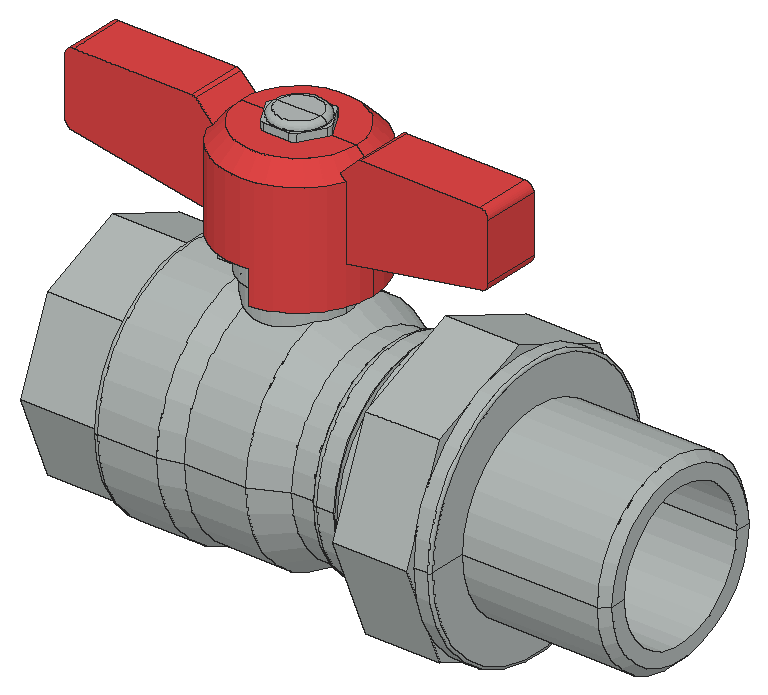
Revit family "QD02750000", category Apparecchi idraulici, Revit 2020
Family settings
  Quota connettore circolare = Usa diametro
  Tipo di parte = Normale
  Numero OmniClass = 23.45.00.00
  Titolo OmniClass = Sanitary, Laundry, and Cleaning Equipment
  Basato su piano di lavoro = No
  Sempre verticale = Sì
  Taglio con vuoti quando caricato = No
  Condiviso = No
  Punto di calcolo locali = No
Parameters
  URL = "https://web.cimberio.it/index.php/figura/1341?subcategoria_id=43096"
  Temperatura di esercizio = "-20 ÷ 120°C"
  Prospetto di default = 0 mm
  Produttore = "CIMBERIO SPA"
  Pressione nominale = "PN 50 (1/2\"); PN 40 (3/4\" ÷ 1\")"
  Modello = "Cim 346/RED6"
  Materiale = "Prodotto in lega di ottone conforme alla norma EN 12165-CW617N-DW"
  Descrizione = "Impiegato nei più svariati settori dell'impiantistica in condutture anti-ritorno per: reti di distribuzione acqua potabile, impianti di riscaldamento, condizionamento, igienico-sanitari e in generale con ogni fluido non corrosivo."
  DN Model [instance] = QD02752154 : QD02752154
  DN [instance] = 25 mm
  Commenti sul tipo = "Realizzato in ottemperanza ai requisiti gestionali della norma EN ISO 9001.\r\nCollaudato al 100% secondo la normativa EN 12266-1"
Reference planes
  plane 1 "Centro (Fronte/Retro)": y = 0
  plane 2: z = 0
  plane 3 "Centro (Sinistra/Destra)": x = 0
Dimensions and locks
  aligned and locked: level to plane 2
Nested families
  nested 1: "QD02752154" at (0, 0, 0), type <- "DN Model", type "QD02752154"
  nested 2: "QD02752154" at (0, 0, 0), type <- "DN Model", type "QD02752154"
  nested 3: "QD02752154" at (0, 0, 0), type <- "DN Model", type "QD02752154"
Connectors
  piping at (67.5, 0, 0), diameter 25, driven by "DN"
    settings: on nested 1, index 1, connector inside diameter 609.6 mm, connector length 0 mm, flow factor 0, pipe flow 0.0 L/s, pressure drop 0.0 Pa, fitting loss kfactor 0, connector angle 0.00°, fixture units 0, engagement length 0 mm, angle of deflection 0.00°, flow configuration 0, flow direction 0, fitting loss method 0, system type 7, joint type 0, gender type 0, connector reference index -1, connector utility 0, adjustable connector no, is connector primary yes, connector description ""
  piping at (-33, 0, 0), diameter 25, driven by "DN"
    settings: on nested 1, index 2, connector inside diameter 609.6 mm, connector length 0 mm, flow factor 0, pipe flow 0.0 L/s, pressure drop 0.0 Pa, fitting loss kfactor 0, connector angle 0.00°, fixture units 0, engagement length 0 mm, angle of deflection 0.00°, flow configuration 0, flow direction 0, fitting loss method 0, system type 7, joint type 0, gender type 0, connector reference index -1, connector utility 0, adjustable connector no, is connector primary no, connector description ""
Definition of nested family "QD02752154"
  Parameters (values of type "QD02752154")
    Default Elevation = 0 mm
  Reference planes
    plane 1 "Centro (Fronte/Retro)": y = 0
    plane 2: z = 0
    plane 3 "Centro (Sinistra/Destra)": x = 0
  Forms (mm)
    Revolve 1, solid
      sketch origin (0, 0, 0) x (1, 0, 0) y (0, 1, 0)
        loop
          line (21, 12.5) -> (21, 18.5) -> (17.914, 18.5)
          arc (17.914, 18.5) -> (17.523, 18.42) -> (17.194, 18.194) r 1.001
          line (17.194, 18.194) -> (16.5, 17.5) -> (12.6, 17.5) -> (6.85, 20.45) -> (-4.081, 20.45) -> (-8, 21.5) -> (-18.5, 21.5)
          arc (-18.5, 21.5) -> (-19.207, 21.207) -> (-19.5, 20.5) r 1
          line (-19.5, 20.5) -> (-19.5, 12.5) -> (21, 12.5)
        axis (-19.5, 0) -> (21, 0)
      angle from 0 to 360
    Extrusion 2, solid
      sketch origin (0, 0, 0) x (0, 1, 0) y (0, 0, 1)
        loop
          circle (0, 0) r 12.5
        loop
          line (0, 25) -> (-17.678, 17.678) -> (-25, 0) -> (-17.678, -17.678) -> (0, -25) -> (17.678, -17.678) -> (25, 0) -> (17.678, 17.678) -> (0, 25)
      from 26 to 39
    Revolve 3, solid
      sketch origin (0, 0, 4.062) x (1, 0, 0) y (0, 0, 1)
        loop
          line (0.065, 27.317) -> (0.065, 10.2) -> (8.5, 10.2) -> (8.5, 20.16)
          arc (8.5, 20.16) -> (8.86, 20.393) -> (9, 20.8) r 0.66
          line (9, 20.8) -> (9, 27.317) -> (0.065, 27.317)
        axis (0.065, 27.317) -> (0.065, 10.2)
      angle from 0 to 360
    Extrusion 4, solid
      sketch origin (0, 0, 10.625) x (1, 0, 0) y (0, 0, 1)
        loop
          line (-7.793, 17.575) -> (-13, 17.575) -> (-13, 7.575) -> (-7.793, 7.575) -> (-7.793, 17.575)
      from 0 to 1.742
    Revolve 5, solid
      sketch origin (0, 0, 2.5) x (1, 0, 0) y (0, 0, 1)
        loop
          line (0, 28.8) -> (-5.984, 28.8) -> (-7.003, 28.281) -> (-7.003, 26.625) -> (0, 26.625) -> (0, 28.8)
        axis (0, 28.8) -> (0, 26.625)
      angle from 0 to 360
    Revolve 6, solid
      sketch origin (0, 0, 0.869) x (1, 0, 0) y (0, 0, 1)
        loop
          line (0, 45.8) -> (-10.25, 45.806) -> (-13.25, 42.806) -> (-13.25, 22.955) -> (-7.25, 22.955) -> (-7.25, 33.512) -> (0, 33.512) -> (0, 45.8)
        axis (0, 45.806) -> (0, 22.955)
      angle from 0 to 360
    Extrusion 7, solid
      sketch origin (0, 0, 2.5) x (1, 0, 0) y (0, 1, 0)
        loop
          line (5.462, 0.547) -> (3.193, 4.475)
          arc (3.193, 4.475) -> (2.807, 4.862) -> (2.279, 5.003) r 1.056
          line (2.279, 5.003) -> (-2.264, 5.003)
          arc (-2.264, 5.003) -> (-2.805, 4.858) -> (-3.201, 4.462) r 1.082
          line (-3.201, 4.462) -> (-5.46, 0.55)
          arc (-5.46, 0.55) -> (-5.607, 0) -> (-5.46, -0.55) r 1.1
          line (-5.46, -0.55) -> (-3.2, -4.464)
          arc (-3.2, -4.464) -> (-2.805, -4.859) -> (-2.266, -5.003) r 1.078
          line (-2.266, -5.003) -> (2.25, -5.003)
          arc (2.25, -5.003) -> (2.803, -4.855) -> (3.208, -4.45) r 1.106
          line (3.208, -4.45) -> (5.462, -0.547)
          arc (5.462, -0.547) -> (5.608, 0) -> (5.462, 0.547) r 1.093
      from 45.414 to 38.673
    Revolve 8, solid
      sketch origin (0, 0, -2.874) x (1, 0, 0) y (0, 0, 1)
        loop
          line (0, 51.8) -> (0, 49.682) -> (4.75, 49.682) -> (4.75, 50.8)
          arc (4.75, 50.8) -> (4.457, 51.507) -> (3.75, 51.8) r 1
          line (3.75, 51.8) -> (0, 51.8)
        axis (0, 51.8) -> (0, 49.682)
      angle from 0 to 360
    Revolve 9, solid
      sketch origin (6.168, 0, 0) x (1, 0, 0) y (0, 1, 0)
        loop
          line (32.832, 12.5) -> (35.832, 12.5) -> (35.832, 23)
          arc (35.832, 23) -> (35.686, 23.354) -> (35.332, 23.5) r 0.5
          line (35.332, 23.5) -> (32.832, 23.5) -> (32.832, 12.5)
        axis (32.832, 0) -> (35.832, 0)
      angle from 0 to 360
    Revolve 10, solid
      sketch origin (8.127, 0, 0) x (1, 0, 0) y (0, 1, 0)
        loop
          line (57.918, 16.5) -> (33.873, 16.5) -> (33.873, 12.5) -> (59.373, 12.5) -> (59.373, 15.069) -> (57.918, 16.5)
        axis (33.873, 0) -> (59.373, 0)
      angle from 0 to 360
    Extrusion 11, void
      sketch origin (0, 0, -3.125) x (1, 0, 0) y (0, 1, 0)
        loop
          line (-9.25, 0) -> (-14.077, 0)
          arc (-14.077, 0) -> (-9.371, -10.505) -> (1.6, -13.986) r 14.077
          line (1.6, -13.986) -> (1.6, -9.111)
          arc (1.6, -9.111) -> (-5.948, -7.084) -> (-9.25, 0) r 9.25
      from 26.3 to 32.8
    Extrusion 12, solid
      sketch origin (0, 0, 0) x (0, 1, 0) y (0, 0, 1)
        loop
          circle (0, 0) r 12.5
        loop
          line (0, 20.5) -> (-14.496, 14.496) -> (-20.5, 0) -> (-14.496, -14.496) -> (0, -20.5) -> (14.496, -14.496) -> (20.5, 0) -> (14.496, 14.496) -> (0, 20.5)
      from -33 to -19.5
    Extrusion 13, solid
      sketch origin (0, 0, -1.562) x (1, 0, 0) y (0, 0, 1)
        loop
          arc (-36, 49.5) -> (-37.061, 49.061) -> (-37.5, 48) r 1.5
          line (-37.5, 48) -> (-37.5, 37.977)
          arc (-37.5, 37.977) -> (-37.149, 37.013) -> (-36.26, 36.5) r 1.5
          line (-36.26, 36.5) -> (-12.439, 32.3) -> (-10.733, 32.3) -> (-10.733, 45.641) -> (-14.293, 49.207)
          arc (-14.293, 49.207) -> (-14.617, 49.424) -> (-15, 49.5) r 1
          line (-15, 49.5) -> (-36, 49.5)
        loop
          line (36, 49.5) -> (15, 49.5)
          arc (15, 49.5) -> (14.617, 49.424) -> (14.293, 49.207) r 1
          line (14.293, 49.207) -> (10.733, 45.641) -> (10.733, 32.3) -> (12.439, 32.3) -> (36.26, 36.5)
          arc (36.26, 36.5) -> (37.149, 37.013) -> (37.5, 37.977) r 1.5
          line (37.5, 37.977) -> (37.5, 48)
          arc (37.5, 48) -> (37.061, 49.061) -> (36, 49.5) r 1.5
      from -5.003 to 5.003
    Revolve 14, solid
      sketch origin (0, 0, 0) x (1, 0, 0) y (0, 1, 0)
        loop
          line (21, 12.5) -> (26, 12.5) -> (26, 20.95) -> (23.45, 20.95) -> (21, 18.5) -> (21, 12.5)
        axis (21, 0) -> (26, 0)
      angle from 0 to 360
  Cuts and joins
    Extrusion 11 cuts Revolve 6
  Dimensions and locks
    aligned and locked: level to plane 2
